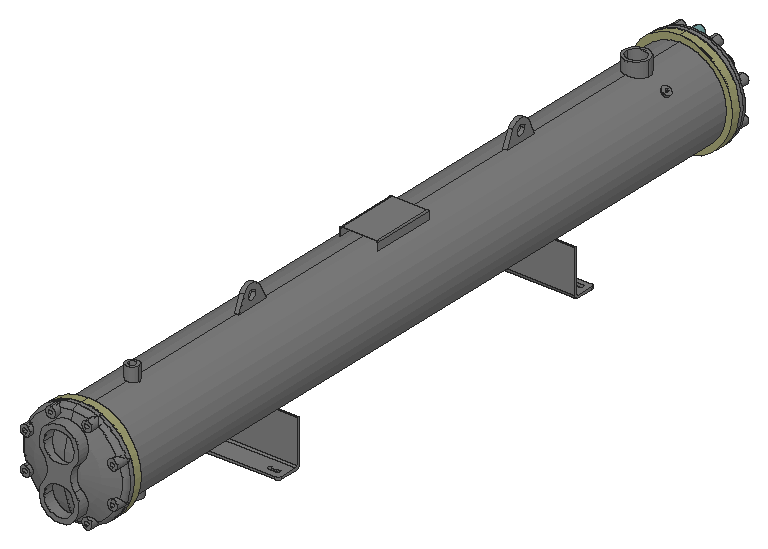
Revit family "MIT-BCM_245_4P", category Specialty Equipment, Revit 2022
Family settings
  Round Connector Dimension = Use Radius
  Part Type = Normal
  Work Plane-Based = No
  Always vertical = Yes
  Cut with Voids When Loaded = No
  Maintain Annotation Orientation = No
  Shared = No
  Room Calculation Point = No
Parameters
  URL = "https://en.ekinendustriyel.com/evaporators-and-condensers"
  Test Pressure = 64.35 bar
  Production Standard = "TS EN 13831"
  Operating Pressure = 45.0 bar
  Model = "MIT-BCM 245_4P"
  Manufacturer = "Ekin Endüstriyel"
  Keynote = "Condensers"
  Description = "MIT- Condensers"
  Default Elevation = 0 mm
Reference planes
  plane 1 "Center (Front/Back)": y = 0
  plane 2: z = 0
  plane 3 "Center (Left/Right)": x = 0
Forms (mm)
  Extrusion 1, solid, material "Ekin Endustriyel-S235JR", detail levels medium+fine
    sketch origin (0, 0, 0) x (1, 0, 0) y (0, 0, 1)
      loop
        circle (0, 189.55) r 109.55
    from -880 to 880
  Extrusion 2, solid, material "Ekin Endustriyel-S235JR", detail levels fine
    sketch origin (0, 0, 53.995) x (1, 0, 0) y (0, 0, 1)
      loop
        line (-45, 235.88) -> (-44, 235.88) -> (-44, 252.88)
        arc (-44, 252.88) -> (-43.414, 254.294) -> (-42, 254.88) r 2
        line (-42, 254.88) -> (42, 254.88)
        arc (42, 254.88) -> (43.414, 254.294) -> (44, 252.88) r 2
        line (44, 252.88) -> (44, 235.88) -> (45, 235.88) -> (45, 252.88)
        arc (45, 252.88) -> (44.121, 255.002) -> (42, 255.88) r 3
        line (42, 255.88) -> (-42, 255.88)
        arc (-42, 255.88) -> (-44.121, 255.002) -> (-45, 252.88) r 3
        line (-45, 252.88) -> (-45, 235.88)
    from -75 to 75
  Extrusion 3, solid, material "Ekin Endustriyel-S235JR", detail levels fine
    sketch origin (0, 500.19, 28.671) x (1, 0, 0) y (0, 1, 0)
      loop
        circle (0, 249.81) r 29.75
      loop
        circle (0, 249.81) r 23.144
    from 300.429 to 204.31
  Extrusion 4, solid, material "Ekin Endustriyel-S235JR", detail levels fine
    sketch origin (0, -499.666, 25.55) x (1, 0, 0) y (0, 1, 0)
      loop
        circle (0, -250.334) r 15.25
      loop
        circle (0, -250.334) r 8.928
    from 303.756 to 211.07
  Extrusion 5, solid, material "Ekin Endustriyel-S235JR", detail levels fine
    sketch origin (71.72, 749.856, 264.541) x (0, 1, 0) y (-0.707107, 0, 0.707107)
      loop
        circle (0.144, 9.086) r 11
      loop
        circle (0.144, 9.086) r 4.56
    from 9.086 to -32.02
  Extrusion 6, solid, material "Ekin Endustriyel-S235JR", detail levels fine
    sketch origin (0, -500.291, 0) x (1, 0, 0) y (0, 1, 0)
      loop
        circle (0, -249.709) r 23.75
      loop
        circle (0, -249.709) r 20.109
    from 50 to 169.15
  Extrusion 7, solid, material "Ekin Endustriyel-S235JR", detail levels medium+fine
    sketch origin (0, 1180.334, 12.15) x (1, 0, 0) y (0, 0, 1)
      loop
        circle (0, 164.15) r 100
    from 280.334 to 300.334
  Extrusion 8, solid, material "Ekin Endustriyel-AISI316L", detail levels medium+fine
    sketch origin (0, 549.666, 12.15) x (1, 0, 0) y (0, 0, -1)
      loop
        circle (0, -177) r 125
    from 330.334 to 350.334
  Revolve 9, solid, material "Ekin Endustriyel-S235JR", detail levels medium+fine
    sketch origin (0, 549.666, 12.15) x (0, -1, 0) y (0, 0, -1)
      loop
        line (-350.334, -301.755) -> (-350.334, -177.003) -> (-403.289, -177.003)
        arc (-403.289, -177.003) -> (-395.664, -237.012) -> (-374.553, -293.699) r 263.464
        arc (-374.553, -293.699) -> (-369.114, -299.581) -> (-361.403, -301.755) r 14.761
        line (-361.403, -301.755) -> (-350.334, -301.755)
      axis (-350.334, -177.003) -> (-403.289, -177.003)
    angle from 0 to 360
  Extrusion 10, solid, material "Ekin Endustriyel-S235JR", detail levels coarse
    sketch origin (0, 0, 12.15) x (1, 0, 0) y (0, 0, 1)
      loop
        circle (0, 177) r 125
    from -957 to 966.924
  Extrusion 11, solid, material "Ekin Endustriyel-S235JR"
    sketch origin (0, 275.334, 0) x (0, 1, 0) y (0, 0, 1)
      loop
        arc (134.666, 9) -> (137.302, 2.636) -> (143.666, 0) r 9
        line (143.666, 0) -> (194.666, 0) -> (194.666, 5) -> (143.666, 5)
        arc (143.666, 5) -> (140.837, 6.172) -> (139.666, 9) r 4
        line (139.666, 9) -> (139.666, 110) -> (134.666, 110) -> (134.666, 9)
    from -125 to 125
  Extrusion 12, void
    sketch origin (0, 470, 5) x (0, -1, 0) y (1, 0, 0)
      loop
        line (25.25, 88.5) -> (25.25, 108.5)
        arc (25.25, 108.5) -> (20, 113.75) -> (14.75, 108.5) r 5.25
        line (14.75, 108.5) -> (14.75, 88.5)
        arc (14.75, 88.5) -> (20, 83.25) -> (25.25, 88.5) r 5.25
      loop
        line (10, 125) -> (-10, 125) -> (-10, -125) -> (10, -125)
        arc (10, -125) -> (2.929, -122.071) -> (0, -115) r 10
        line (0, -115) -> (0, 115)
        arc (0, 115) -> (2.929, 122.071) -> (10, 125) r 10
      loop
        arc (14.75, -108.5) -> (20, -113.75) -> (25.25, -108.5) r 5.25
        line (25.25, -108.5) -> (25.25, -88.5)
        arc (25.25, -88.5) -> (20, -83.25) -> (14.75, -88.5) r 5.25
        line (14.75, -88.5) -> (14.75, -108.5)
    from -5 to 0
  Extrusion 13, solid, material "Ekin Endustriyel-S235JR"
    sketch origin (0, -275.334, 0) x (0, -1, 0) y (0, 0, -1)
      loop
        line (134.666, -9) -> (134.666, -110) -> (139.666, -110) -> (139.666, -9)
        arc (139.666, -9) -> (140.837, -6.172) -> (143.666, -5) r 4
        line (143.666, -5) -> (194.666, -5) -> (194.666, 0) -> (143.666, 0)
        arc (143.666, 0) -> (137.302, -2.636) -> (134.666, -9) r 9
    from -125 to 125
  Extrusion 14, void
    sketch origin (0, -470, 5) x (0, 1, 0) y (-1, 0, 0)
      loop
        arc (25.25, -88.5) -> (20, -83.25) -> (14.75, -88.5) r 5.25
        line (14.75, -88.5) -> (14.75, -108.5)
        arc (14.75, -108.5) -> (20, -113.75) -> (25.25, -108.5) r 5.25
        line (25.25, -108.5) -> (25.25, -88.5)
      loop
        arc (10, -125) -> (2.929, -122.071) -> (0, -115) r 10
        line (0, -115) -> (0, 115)
        arc (0, 115) -> (2.929, 122.071) -> (10, 125) r 10
        line (10, 125) -> (-10, 125) -> (-10, -125) -> (10, -125)
      loop
        line (14.75, 108.5) -> (14.75, 88.5)
        arc (14.75, 88.5) -> (20, 83.25) -> (25.25, 88.5) r 5.25
        line (25.25, 88.5) -> (25.25, 108.5)
        arc (25.25, 108.5) -> (20, 113.75) -> (14.75, 108.5) r 5.25
    from -5 to 0
  Extrusion 15, solid, material "Ekin Endustriyel-S235JR", detail levels medium+fine
    sketch origin (40, -549.666, 12.133) x (1, 0, 0) y (0, 0, 1)
      loop
        circle (-40, 234.5) r 36.3
      loop
        circle (-40, 119.5) r 36.3
      loop
        arc (-3.858, 150.013) -> (-12.768, 177) -> (-3.858, 203.987) r 45.323
        arc (-3.858, 203.987) -> (-40, 281.8) -> (-76.142, 203.987) r 47.3
        arc (-76.142, 203.987) -> (-67.232, 177) -> (-76.142, 150.013) r 45.323
        arc (-76.142, 150.013) -> (-40, 72.2) -> (-3.858, 150.013) r 47.3
    from 390.526 to 417.259
  Extrusion 16, solid, material "Ekin Endustriyel-Zinc", detail levels medium+fine
    sketch origin (0, 550.334, 12.15) x (1, 0, 0) y (0, 0, 1)
      loop
        circle (0.148, 285.985) r 12.497
      loop
        circle (0.148, 285.985) r 5.497
    from -387.666 to -367.889
  Extrusion 17, solid, material "Ekin Endustriyel-S235JR", detail levels medium+fine
    sketch origin (0, -549.666, 12.133) x (1, 0, 0) y (0, 0, -1)
      loop
        circle (-43.117, -280.877) r 12
      loop
        circle (-43.117, -280.877) r 5.497
      loop
        circle (43.117, -280.877) r 12
      loop
        circle (43.117, -280.877) r 5.497
      loop
        circle (104.001, -219.992) r 12
      loop
        circle (104.001, -219.992) r 5.497
      loop
        circle (104.001, -134.055) r 12
      loop
        circle (104.001, -134.055) r 5.497
      loop
        circle (43.282, -73.179) r 12
      loop
        circle (43.282, -73.179) r 5.497
      loop
        circle (-104.001, -219.992) r 12
      loop
        circle (-104.001, -219.992) r 5.497
      loop
        circle (-104.001, -134.055) r 12
      loop
        circle (-104.001, -134.055) r 5.497
      loop
        circle (-43.282, -73.179) r 12
      loop
        circle (-43.282, -73.179) r 5.497
    from -388.334 to -355.334
  Extrusion 18, solid, material "Ekin Endustriyel-S235JR", detail levels fine
    sketch origin (0, -0.334, 25.265) x (0, -1, 0) y (0, 0, -1)
      loop
        line (-440.334, -273.721) -> (-422.806, -309.676)
        arc (-422.806, -309.676) -> (-400.334, -323.721) -> (-377.863, -309.676) r 25
        line (-377.863, -309.676) -> (-360.334, -273.721) -> (-440.334, -273.721)
      loop
        circle (-400.334, -298.721) r 12.5
      loop
        line (439.666, -273.721) -> (359.666, -273.721) -> (377.194, -309.676)
        arc (377.194, -309.676) -> (399.666, -323.721) -> (422.137, -309.676) r 25
        line (422.137, -309.676) -> (439.666, -273.721)
      loop
        circle (399.666, -298.721) r 12.5
    from -5 to 5
  Extrusion 19, solid, material "Ekin Endustriyel-S235JR", detail levels medium+fine
    sketch origin (-164.15, 550.334, 176.3) x (0, 0, -1) y (1, 0, 0)
      loop
        circle (-60.178, 211.509) r 20
      loop
        circle (34.988, 116.302) r 17
    from -406.666 to -351.666
  Extrusion 20, solid, material "Ekin Endustriyel-AISI316L", detail levels medium+fine
    sketch origin (0, -549.666, 12.133) x (1, 0, 0) y (0, 0, 1)
      loop
        circle (0, 177) r 125
    from 330.334 to 350.334
  Revolve 21, solid, material "Ekin Endustriyel-S235JR", detail levels medium+fine
    sketch origin (0, -549.666, 12.133) x (0, 1, 0) y (0, 0, 1)
      loop
        line (-350.334, 301.755) -> (-361.403, 301.755)
        arc (-361.403, 301.755) -> (-369.114, 299.581) -> (-374.553, 293.699) r 14.761
        arc (-374.553, 293.699) -> (-395.664, 237.012) -> (-403.289, 177.003) r 263.464
        line (-403.289, 177.003) -> (-350.334, 177.003) -> (-350.334, 301.755)
      axis (-350.334, 177.003) -> (-403.289, 177.003)
    angle from 0 to 360
  Extrusion 22, solid, material "Ekin Endustriyel-S235JR", detail levels medium+fine
    sketch origin (0, 550.334, 12.15) x (1, 0, 0) y (0, 0, 1)
      loop
        circle (-43.117, 280.877) r 12
      loop
        circle (-43.117, 280.877) r 5.497
      loop
        circle (43.117, 280.877) r 12
      loop
        circle (43.117, 280.877) r 5.497
      loop
        circle (104.001, 219.992) r 12
      loop
        circle (104.001, 219.992) r 5.497
      loop
        circle (104.001, 134.055) r 12
      loop
        circle (104.001, 134.055) r 5.497
      loop
        circle (43.282, 73.179) r 12
      loop
        circle (43.282, 73.179) r 5.497
      loop
        circle (-104.001, 219.992) r 12
      loop
        circle (-104.001, 219.992) r 5.497
      loop
        circle (-104.001, 134.055) r 12
      loop
        circle (-104.001, 134.055) r 5.497
      loop
        circle (-43.282, 73.179) r 12
      loop
        circle (-43.282, 73.179) r 5.497
      loop
        circle (0.148, 67.765) r 12.497
      loop
        circle (0.148, 67.765) r 5.497
    from -387.666 to -367.889
Cuts and joins
  Extrusion 12, Extrusion 14 cuts Extrusion 11
  Extrusion 14 cuts Extrusion 13
Dimensions and locks
  aligned and locked: level to plane 2
Connectors
  piping at (0, -966.924, 246.633), diameter 63.6
    settings: on Extrusion 15, index 1, connector inside diameter 609.6 mm, connector length 0 mm, flow factor 0, pipe flow 0.0 L/s, pressure drop 0.0 Pa, fitting loss kfactor 0, connector angle 0.00°, fixture units 0, engagement length 0 mm, angle of deflection 0.00°, flow configuration 0, flow direction 1, fitting loss method 0, system type 7, joint type 0, gender type 0, connector reference index -1, connector utility 0, adjustable connector no, is connector primary yes, connector description ""
  piping at (0, -966.924, 131.633), diameter 63.6
    settings: on Extrusion 15, index 2, connector inside diameter 609.6 mm, connector length 0 mm, flow factor 0, pipe flow 0.0 L/s, pressure drop 0.0 Pa, fitting loss kfactor 0, connector angle 0.00°, fixture units 0, engagement length 0 mm, angle of deflection 0.00°, flow configuration 0, flow direction 2, fitting loss method 0, system type 7, joint type 0, gender type 0, connector reference index -1, connector utility 0, adjustable connector no, is connector primary no, connector description ""
  hvac at (0, 750, 329.1)
    settings: on Extrusion 3, index 3, duct flow 0.0 L/s, flow factor 0, pres drop 0.0 bar, loss coef 0, conn angle 0.00°, conn width 304.8 mm, conn height 304.8 mm, conn diameter 54 mm, duct sys type 3, conn prof type 0, flow config 0, flow direction 0, loss method 0, conn ref index -1, conn util no, is conn primary yes, conn desc ""
  hvac at (0, -750, 50)
    settings: on Extrusion 6, index 4, duct flow 0.0 L/s, flow factor 0, pres drop 0.0 bar, loss coef 0, conn angle 0.00°, conn width 304.8 mm, conn height 304.8 mm, conn diameter 42 mm, duct sys type 3, conn prof type 0, flow config 0, flow direction 0, loss method 0, conn ref index -1, conn util no, is conn primary no, conn desc ""
